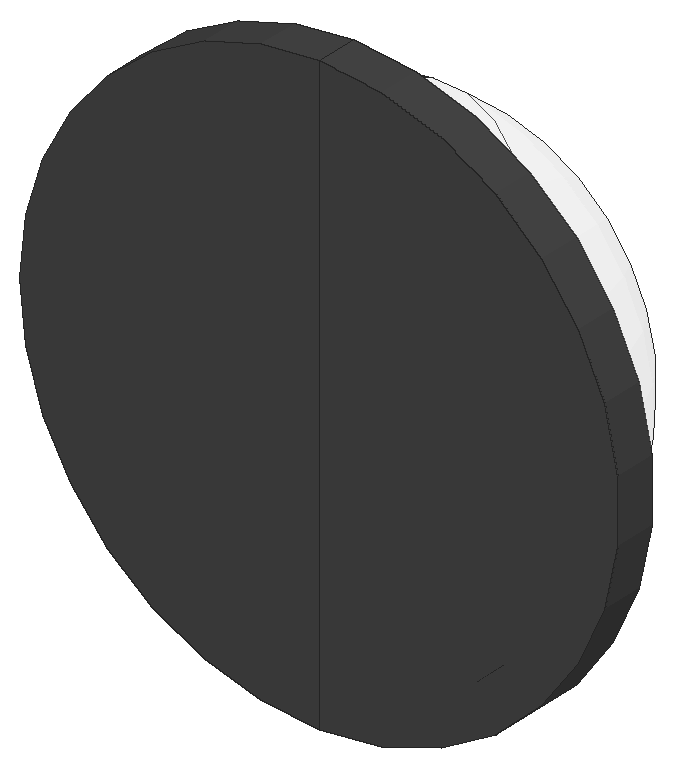
Revit family
Parameters (values of type "Wall Mounted")
  Wattage = 9.2903 W
  built-in parameter 1150110 = 1 (stored number, unit not read)
  built-in parameter 1114217 = 1 (stored number, unit not read)
  built-in parameter 1150109 = 1 (stored number, unit not read)
  built-in parameter 1150134 = 3
  built-in parameter 1150113 = 1 (stored number, unit not read)
  Material Light Fixing = Metal - Black
  Material Lamp Glazing = Glass - White Frosted
  built-in parameter 1150105 = 109.82 (stored number, unit not read)
  Lumens = 1380 lm
  built-in parameter 1150115 = 1 (stored number, unit not read)
  Light Source Symbol Size = 609.6 mm
  built-in parameter 1150137 = (empty or 0)
  built-in parameter 1150139 = (empty or 0)
  built-in parameter 1150112 = 1 (stored number, unit not read)
  built-in parameter 1150114 = 1 (stored number, unit not read)
  Keynote = "V"
  built-in parameter 1150132 = 2
  built-in parameter 1150102 = (empty or 0)
  built-in parameter 1150107 = 3200 (stored number, unit not read)
  built-in parameter 1150138 = (empty or 0)
  built-in parameter 1150106 = 1.0982 (stored number, unit not read)
  Fixture Height = 2000 mm
  built-in parameter 1150104 = 13.8 (stored number, unit not read)
  Dimming Lamp Color Temperature Shift = (empty or 0)
  Color Filter = 16777215
  built-in parameter 1114218 = 1 (stored number, unit not read)
  built-in parameter 1150133 = 10 (stored number, unit not read)
Reference planes
  plane 1: y = 0
  plane 2 "Light Source Axis (L/R)": x = 125
  plane 3 "Light Plate": y = 100
  plane 4 "Light Source Elevation": z = 2246.292
  plane 5: y = 75
  plane 6: z = 246.292
  plane 7 "Light Source Axis (F/R)": y = 250
Forms (mm)
  Revolve 1, solid, material "Metal - Black" <- "Material Light Fixing"
    sketch origin (125, 0, 3600) x (0, 1, 0) y (0, 0, -1)
      loop
        line (75, 1353.708) -> (80, 1353.708) -> (80, 1503.708) -> (100, 1503.708) -> (100, 1528.708) -> (75, 1528.708) -> (75, 1353.708)
      axis (75, 1353.708) -> (100, 1353.708)
    angle from 0 to 360
  Revolve 2, solid, material "Glass - White Frosted" <- "Material Lamp Glazing"
    sketch origin (125, 0, 3600) x (0, 1, 0) y (0, 0, -1)
      loop
        line (80, 1503.708) -> (80, 1353.708) -> (230, 1353.708)
        arc (230, 1353.708) -> (193.359, 1453.286) -> (100, 1503.708) r 150
        line (100, 1503.708) -> (80, 1503.708)
      axis (80, 1353.708) -> (230, 1353.708)
    angle from 0 to 360
Text (mm)
  text "Placement side" at (-1787.139, 1116.779, 0), in view "Ref. Level"
  text "Placement side" at (0, 2110.396, 2986.058), in view "Left"
  text "Placement side" at (0, 628.478, 3011.967), in view "Right"
Dimensions and locks
  level to plane 4 "Light Source Elevation" = 2000 mm
  "Fixture Height": plane 4 "Light Source Elevation" to plane 6
  locked: plane 7 "Light Source Axis (F/R)" to plane 3 "Light Plate" at 150
  aligned and locked: plane 6 to level
  aligned and locked: plane 2 "Light Source Axis (L/R)" to imposter light
  aligned and locked: imposter light to plane 7 "Light Source Axis (F/R)"
  aligned and locked: plane 4 "Light Source Elevation" to imposter light
Automatic sketch dimensions
  Revolve 1 sketch curve to host wall = 0 mm  (x2)
  Revolve 1 sketch curve to plane 4 "Light Source Elevation" = 0 mm  (x2)
  Revolve 1 sketch curve to plane 3 "Light Plate" = 0 mm
  Revolve 1 sketch curve to Revolve 1 sketch curve = 5 mm
  Revolve 1 sketch curve to plane 3 "Light Plate" = 130 mm
  plane 4 "Light Source Elevation" to Revolve 1 sketch curve = 150 mm
  Revolve 1 sketch curve to Revolve 1 sketch curve = 25 mm
  Revolve 2 sketch curve to plane 4 "Light Source Elevation" = 0 mm  (x2)
  Revolve 2 sketch curve to plane 3 "Light Plate" = 0 mm
  plane 4 "Light Source Elevation" to Revolve 2 sketch curve = 1.339 mm
  host wall to Revolve 2 sketch curve = 5.006 mm
  Revolve 2 sketch curve to Revolve 2 sketch curve = 0.006 mm
  host wall to Revolve 2 sketch curve = 145 mm
  Revolve 2 sketch curve to plane 3 "Light Plate" = 130 mm
  Revolve 2 sketch curve to Revolve 2 sketch curve = 310 mm
